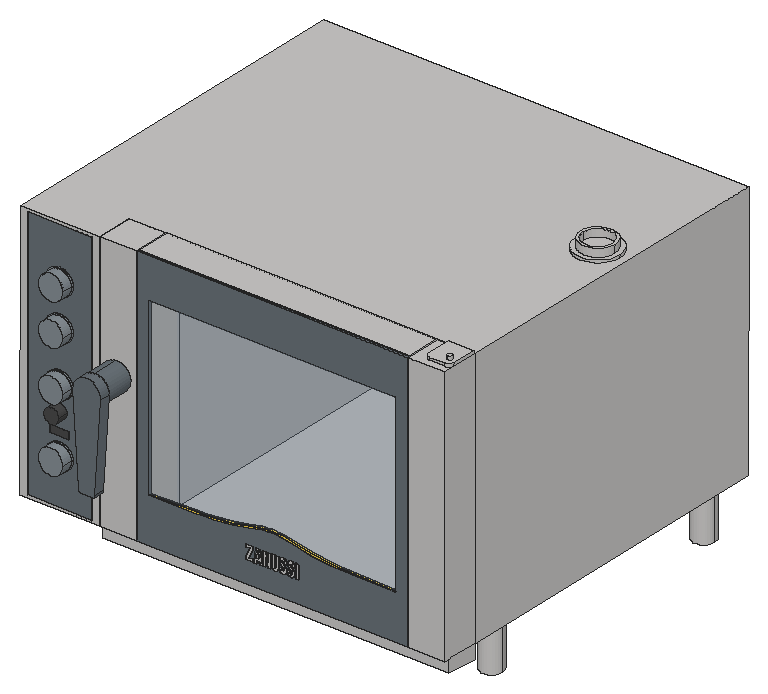
Revit family "QF_ZANUSSI_240450_ZFCE61SSDS", category Specialty Equipment, Revit 2023 (continued)
Definition of nested family "ZAN_DOOR_CROSSWISE_H525"
  Automatic sketch dimensions
    Extrusion 4 sketch curve to Extrusion 4 sketch curve = 28.998 mm
    Extrusion 4 sketch curve to Extrusion 4 sketch curve = 2.06 mm
    Extrusion 4 sketch curve to Extrusion 4 sketch curve = 0.191 mm
    Extrusion 4 sketch curve to Extrusion 4 sketch curve = 0.669 mm
    Extrusion 4 sketch curve to Extrusion 4 sketch curve = 1.051 mm
    Extrusion 4 sketch curve to Extrusion 4 sketch curve = 5.17 mm
    Extrusion 4 sketch curve to Extrusion 4 sketch curve = 63.165 mm
    Extrusion 4 sketch curve to Extrusion 4 sketch curve = 160.676 mm
    plane 9 to Extrusion 4 sketch curve = 110.668 mm
    plane 9 to Extrusion 4 sketch curve = 104.369 mm
    Extrusion 4 sketch curve to Extrusion 4 sketch curve = 0.216 mm
    Extrusion 4 sketch curve to Extrusion 4 sketch curve = 20.101 mm
    Extrusion 4 sketch curve to Extrusion 4 sketch curve = 14.439 mm
    plane 16 to Extrusion 4 sketch curve = 89.148 mm
    Extrusion 4 sketch curve to Extrusion 4 sketch curve = 0.343 mm
    Extrusion 4 sketch curve to Extrusion 4 sketch curve = 0.346 mm
    Extrusion 4 sketch curve to Extrusion 4 sketch curve = 1.209 mm
    Extrusion 4 sketch curve to Extrusion 4 sketch curve = 2.747 mm
    Extrusion 4 sketch curve to Extrusion 4 sketch curve = 2.745 mm  (x2)
    Extrusion 4 sketch curve to Extrusion 4 sketch curve = 2.666 mm
    Extrusion 4 sketch curve to Extrusion 4 sketch curve = 2.667 mm
    Extrusion 4 sketch curve to Extrusion 4 sketch curve = 5.816 mm  (x2)
    Extrusion 4 sketch curve to Extrusion 4 sketch curve = 2.231 mm
    Extrusion 4 sketch curve to Extrusion 4 sketch curve = 5.779 mm
    Extrusion 4 sketch curve to Extrusion 4 sketch curve = 5.783 mm
    Extrusion 4 sketch curve to Extrusion 4 sketch curve = 2.602 mm
    Extrusion 4 sketch curve to Extrusion 4 sketch curve = 2.603 mm
    plane 16 to Extrusion 5 sketch curve = 47.982 mm  (x2)
    Extrusion 5 sketch curve to Extrusion 5 sketch curve = 0 mm  (x16)
    Extrusion 5 sketch curve to Extrusion 5 sketch curve = 0.692 mm  (x2)
    Extrusion 5 sketch curve to Extrusion 5 sketch curve = 4.75 mm  (x5)
    Extrusion 5 sketch curve to Extrusion 5 sketch curve = 4.787 mm
    Extrusion 5 sketch curve to Extrusion 5 sketch curve = 0.328 mm
    Extrusion 5 sketch curve to Extrusion 5 sketch curve = 5.241 mm  (x2)
    Extrusion 5 sketch curve to Extrusion 5 sketch curve = 4.87 mm
    Extrusion 5 sketch curve to Extrusion 5 sketch curve = 5.561 mm
    Extrusion 5 sketch curve to Extrusion 5 sketch curve = 0.212 mm  (x2)
    Extrusion 5 sketch curve to Extrusion 5 sketch curve = 0.025 mm  (x2)
    Extrusion 5 sketch curve to Extrusion 5 sketch curve = 0.346 mm  (x2)
    Extrusion 5 sketch curve to Extrusion 5 sketch curve = 0.525 mm  (x3)
    Extrusion 5 sketch curve to Extrusion 5 sketch curve = 1.401 mm  (x2)
    Extrusion 5 sketch curve to Extrusion 5 sketch curve = 1.186 mm  (x2)
    Extrusion 5 sketch curve to Extrusion 5 sketch curve = 2.546 mm  (x2)
    Extrusion 5 sketch curve to Extrusion 5 sketch curve = 0.458 mm  (x2)
    Extrusion 5 sketch curve to Extrusion 5 sketch curve = 9.5 mm
    Extrusion 5 sketch curve to Extrusion 5 sketch curve = 5.655 mm  (x2)
    Extrusion 5 sketch curve to Extrusion 5 sketch curve = 5.986 mm  (x2)
    Extrusion 5 sketch curve to Extrusion 5 sketch curve = 2.141 mm  (x2)
    Extrusion 5 sketch curve to Extrusion 5 sketch curve = 12.739 mm
    Extrusion 5 sketch curve to Extrusion 5 sketch curve = 8.354 mm
    Extrusion 5 sketch curve to Extrusion 5 sketch curve = 3.681 mm
    Extrusion 5 sketch curve to Extrusion 5 sketch curve = 1.209 mm
    Extrusion 5 sketch curve to Extrusion 5 sketch curve = 0.702 mm  (x2)
    Extrusion 5 sketch curve to Extrusion 5 sketch curve = 1.067 mm  (x2)
    Extrusion 5 sketch curve to Extrusion 5 sketch curve = 0.798 mm
    Extrusion 5 sketch curve to Extrusion 5 sketch curve = 1.163 mm
    Extrusion 5 sketch curve to Extrusion 5 sketch curve = 0.282 mm
    Extrusion 5 sketch curve to Extrusion 5 sketch curve = 2.148 mm
    Extrusion 5 sketch curve to Extrusion 5 sketch curve = 1.642 mm
    Extrusion 5 sketch curve to Extrusion 5 sketch curve = 0.277 mm
    Extrusion 5 sketch curve to Extrusion 5 sketch curve = 1.568 mm  (x2)
    Extrusion 5 sketch curve to Extrusion 5 sketch curve = 0.043 mm  (x2)
    Extrusion 5 sketch curve to Extrusion 5 sketch curve = 0.093 mm  (x2)
    Extrusion 5 sketch curve to Extrusion 5 sketch curve = 3.228 mm
    Extrusion 5 sketch curve to Extrusion 5 sketch curve = 0.491 mm
    Extrusion 5 sketch curve to Extrusion 5 sketch curve = 3.931 mm  (x3)
    Extrusion 5 sketch curve to Extrusion 5 sketch curve = 5.078 mm
    Extrusion 5 sketch curve to Extrusion 5 sketch curve = 2.818 mm
    Extrusion 5 sketch curve to Extrusion 5 sketch curve = 1.565 mm
    Extrusion 5 sketch curve to Extrusion 5 sketch curve = 5.405 mm
    Extrusion 5 sketch curve to Extrusion 5 sketch curve = 5.733 mm  (x3)
    Extrusion 5 sketch curve to Extrusion 5 sketch curve = 7.68 mm
    plane 13 to Extrusion 5 sketch curve = 197.259 mm
    Extrusion 5 sketch curve to Extrusion 5 sketch curve = 4.888 mm
    Extrusion 5 sketch curve to Extrusion 5 sketch curve = 5.704 mm
    Extrusion 5 sketch curve to Extrusion 5 sketch curve = 0.845 mm
    Extrusion 5 sketch curve to Extrusion 5 sketch curve = 1.947 mm  (x2)
    Extrusion 5 sketch curve to Extrusion 5 sketch curve = 0.089 mm  (x2)
    Extrusion 5 sketch curve to Extrusion 5 sketch curve = 1.743 mm
    Extrusion 5 sketch curve to Extrusion 5 sketch curve = 6.311 mm
    Extrusion 5 sketch curve to Extrusion 5 sketch curve = 5.327 mm  (x2)
    Extrusion 5 sketch curve to Extrusion 5 sketch curve = 0.024 mm  (x2)
    Extrusion 5 sketch curve to Extrusion 5 sketch curve = 0.143 mm  (x2)
    Extrusion 5 sketch curve to Extrusion 5 sketch curve = 0.597 mm  (x2)
    Extrusion 5 sketch curve to Extrusion 5 sketch curve = 2.07 mm  (x2)
    Extrusion 5 sketch curve to Extrusion 5 sketch curve = 1.298 mm  (x2)
    Extrusion 5 sketch curve to Extrusion 5 sketch curve = 1.366 mm  (x2)
    Extrusion 5 sketch curve to Extrusion 5 sketch curve = 0.362 mm  (x2)
    Extrusion 5 sketch curve to Extrusion 5 sketch curve = 0.15 mm  (x2)
    Extrusion 5 sketch curve to Extrusion 5 sketch curve = 0.726 mm  (x3)
    Extrusion 5 sketch curve to Extrusion 5 sketch curve = 0.409 mm  (x2)
    Extrusion 5 sketch curve to Extrusion 5 sketch curve = 1.432 mm  (x2)
    Extrusion 5 sketch curve to Extrusion 5 sketch curve = 2.132 mm  (x2)
    Extrusion 5 sketch curve to Extrusion 5 sketch curve = 2.415 mm  (x2)
    Extrusion 5 sketch curve to Extrusion 5 sketch curve = 2.892 mm  (x2)
    Extrusion 5 sketch curve to Extrusion 5 sketch curve = 4.969 mm
    Extrusion 5 sketch curve to Extrusion 5 sketch curve = 2.57 mm
    Extrusion 5 sketch curve to Extrusion 5 sketch curve = 0.116 mm
    Extrusion 5 sketch curve to Extrusion 5 sketch curve = 2.846 mm
    Extrusion 5 sketch curve to Extrusion 5 sketch curve = 4.422 mm  (x2)
    Extrusion 5 sketch curve to Extrusion 5 sketch curve = 1.773 mm
    Extrusion 5 sketch curve to Extrusion 5 sketch curve = 5.719 mm
    Extrusion 5 sketch curve to Extrusion 5 sketch curve = 3.505 mm
    Extrusion 5 sketch curve to Extrusion 5 sketch curve = 1.646 mm
    Extrusion 5 sketch curve to Extrusion 5 sketch curve = 0.109 mm
    Extrusion 5 sketch curve to Extrusion 5 sketch curve = 1.311 mm
    Extrusion 5 sketch curve to Extrusion 5 sketch curve = 6.224 mm
    Extrusion 5 sketch curve to Extrusion 5 sketch curve = 6.061 mm
    Extrusion 5 sketch curve to Extrusion 5 sketch curve = 5.967 mm
    Extrusion 5 sketch curve to Extrusion 5 sketch curve = 5.897 mm  (x2)
    Extrusion 5 sketch curve to Extrusion 5 sketch curve = 0.819 mm  (x3)
    Extrusion 5 sketch curve to Extrusion 5 sketch curve = 3.276 mm
    Extrusion 5 sketch curve to Extrusion 5 sketch curve = 0.856 mm
    Extrusion 5 sketch curve to Extrusion 5 sketch curve = 5.934 mm
    Extrusion 5 sketch curve to Extrusion 5 sketch curve = 6.716 mm
    Extrusion 5 sketch curve to Extrusion 5 sketch curve = 8.598 mm
    Extrusion 5 sketch curve to Extrusion 5 sketch curve = 7.535 mm
    Extrusion 5 sketch curve to Extrusion 5 sketch curve = 6.308 mm
    Extrusion 5 sketch curve to Extrusion 5 sketch curve = 1.217 mm
    Extrusion 5 sketch curve to Extrusion 5 sketch curve = 3.121 mm  (x2)
    Extrusion 6 sketch curve to plane 7 = 0 mm  (x2)
    Extrusion 6 sketch curve to plane 9 = 0 mm
    Extrusion 6 sketch curve to plane 16 = 0 mm
    Extrusion 6 sketch curve to plane 5 "Feet" = 0 mm
    Extrusion 6 sketch curve to plane 15 = 0 mm
    plane 13 to Extrusion 6 sketch curve = 0 mm
    Extrusion 6 sketch curve to plane 14 = 0 mm
    Extrusion 1 sketch curve to plane 4 "Top" = 0 mm  (x2)
    Extrusion 1 sketch curve to plane 3 "Center (Left/Right)" = 0 mm
    Extrusion 1 sketch curve to plane 5 "Feet" = 0 mm  (x2)
    plane 10 to Extrusion 1 sketch curve = 0 mm
    Extrusion 1 sketch curve to plane 12 = 0 mm
    plane 11 to Extrusion 1 sketch curve = 0 mm
    plane 5 "Feet" to Extrusion 12 sketch curve = 0 mm
    Extrusion 12 sketch curve to plane 1 "Center (Front/Back)" = 0 mm
    plane 6 "Front" to Extrusion 12 sketch curve = 10 mm
    Extrusion 12 sketch curve to Extrusion 12 sketch curve = 25 mm
    Extrusion 12 sketch curve to Extrusion 12 sketch curve = 29.545 mm
    Extrusion 11 sketch curve to plane 17 = 0 mm
    Extrusion 11 sketch curve to plane 18 = 0 mm
    Extrusion 8 sketch curve to plane 7 = 0 mm
    Extrusion 8 sketch curve to plane 9 = 0 mm
    Extrusion 8 sketch curve to plane 16 = 0 mm
    plane 13 to Extrusion 8 sketch curve = 0 mm
    radius of curve 16 = 5 mm
    radius of Extrusion 13 sketch curve = 5 mm
    radius of Extrusion 11 sketch curve = 28 mm
